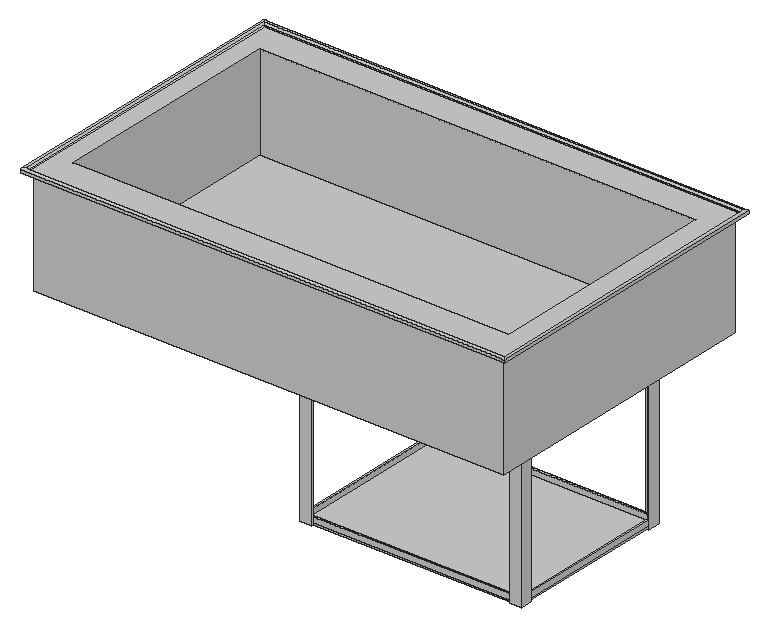
Revit family "QF_VOLLRATH_FC-4CP-03120-N", category Specialty Equipment, Revit 2016
Family settings
  Part Type = Normal
  Round Connector Dimension = Use Diameter
  OmniClass Number = 23.40.40.14.24.14
  OmniClass Title = Service Line Equipment
  Work Plane-Based = Yes
  Always vertical = Yes
  Cut with Voids When Loaded = Yes
  Shared = No
  Room Calculation Point = No
Parameters (values of type "FC-4CP-03120-N")
  Weight in Pounds = 130
  Watts = 384 W
  Waste Water Discharge Temperature [instance] = 0 °F
  Waste Remarks = ""
  Volts = 120 V
  URL Cutsheet = "www.vollrathfoodservice.com/downloads/211946/SPCDrop-InColdNSF7RefrigL36185-pdf"
  URL = "www.vollrathfoodservice.com"
  Status [instance] = ""
  Specification by User [instance] = ""
  Specification by Manufacturer = ""
  Serial Number = ""
  Seismic Rating = ""
  SMACNA No = ""
  Revision Code [instance] = ""
  Plumbing Remarks [instance] = ""
  Plumbing Connection Type [instance] = ""
  Phase = 1
  Number of Poles = 1
  NAFEM Spec ID Number = ""
  Model = "FC-4CP-03120-N"
  Min Ckt Ampacity = 0 A
  Max Overcurrent Protection = 10 A
  Masterspec = ""
  Manufacturer = "VOLLRATH US"
  Item Number [instance] = ""
  Installed By [instance] = ""
  Identify Quantity as Lot [instance] = no
  HP = "0.5"
  Furnished By [instance] = ""
  Foodservice Equipment Identifier [instance] = yes
  FL Amps = 3.2 A
  Electrical Remarks [instance] = ""
  Electric Connection Type [instance] = "Plug&Receptacle"
  Elec Conn RI Height [instance] = 0"
  Elec Conn Connection Height [instance] = 0"
  Direct Waste Size = 1"
  Direct Waste RI Height = 0"
  Direct Waste Flow = 0 GPM
  Direct Waste Connection Height = 0"
  Description = "THREE-WELL 120-VOLT NSF 7-CERTIFIED REFRIGERATED MODULAR DROP-IN COLD WELL"
  Default Elevation = 0"
  Cycle = 60 Hz
  Conn Plug = "NEMA 5-15P"
  Conn Conduit [instance] = no
  CSI MasterFormat = ""
  Author = ""
  Assembly Code = "E1090320"
  Apparent Power = 384 VA
Reference planes (in)
  plane 1 "Back": y = 0
  plane 2: z = 0
  plane 3 "Left": x = 0
  plane 4 "Front": y = -26
  plane 5 "Top": z = 0
  plane 6 "Right": x = 41.5
Forms (in)
  Extrusion 1, void
    sketch origin (0, 0, 0) x (1, 0, 0) y (0, 1, 0)
      loop
        line (41.125, -0.375) -> (0.375, -0.375) -> (0.375, -25.625) -> (41.125, -25.625) -> (41.125, -0.375)
    from 3.27425 to -22.375
  Extrusion 2, solid
    sketch origin (0, 0, 0) x (1, 0, 0) y (0, 1, 0)
      loop
        line (0.625, -0.625) -> (0.625, -25.375) -> (40.875, -25.375) -> (40.875, -0.625) -> (0.625, -0.625)
      loop
        line (2.0625, -3) -> (2.0625, -23) -> (39.4375, -23) -> (39.4375, -3) -> (2.0625, -3)
    from 0 to 0.14643
  Extrusion 3, solid
    sketch origin (0, 0, 0) x (1, 0, 0) y (0, 1, 0)
      loop
        line (0.625, -0.625) -> (0.625, -25.375) -> (40.875, -25.375) -> (40.875, -0.625) -> (0.625, -0.625)
      loop
        line (39.4375, -23) -> (39.4375, -3) -> (2.0625, -3) -> (2.0625, -23) -> (39.4375, -23)
    from -9.067 to 0
  Sweep 4, solid
    path origin (0, 0, 0) x (1, 0, 0) y (0, 1, 0)
      loop
        line (0.34375, -0.34375) -> (0.34375, -25.65625) -> (41.15625, -25.65625) -> (41.15625, -0.34375) -> (0.34375, -0.34375)
    profile origin (20.75, -0.34375, 0) x (0, 1, 0) y (0, 0, 1)
      loop
        line (0.34375, 0) -> (0.34375, 0.24548)
        arc (0.34375, 0.24548) -> (0.25632, 0.36797) -> (0.11207, 0.3251) r 0.12952
        line (0.11207, 0.3251) -> (0.00446, 0.18703)
        arc (0.00446, 0.18703) -> (-0.03241, 0.15713) -> (-0.07866, 0.14643) r 0.10539
        line (-0.07866, 0.14643) -> (-0.28125, 0.14643) -> (-0.28125, 0) -> (0.34375, 0)
  Extrusion 5, solid
    sketch origin (0, 0, 2.308) x (1, 0, 0) y (0, 1, 0)
      loop
        line (39.4375, -3) -> (2.0625, -3) -> (2.0625, -23) -> (39.4375, -23) -> (39.4375, -3)
      loop
        circle (17.87809, -13) r 0.75
    from -11.375 to -10.305
  Extrusion 6, solid
    sketch origin (21.45684, -178.4845, -22.25) x (-1, 0, 0) y (0, -1, 0)
      loop
        line (1.953, -172.7345) -> (1.078, -172.7345) -> (1.078, -172.8595) -> (2.078, -172.8595) -> (2.078, -171.8595) -> (1.953, -171.8595) -> (1.953, -172.7345)
      loop
        line (-16.7345, -172.7345) -> (-16.7345, -171.8595) -> (-16.8595, -171.8595) -> (-16.8595, -172.8595) -> (-15.8595, -172.8595) -> (-15.8595, -172.7345) -> (-16.7345, -172.7345)
      loop
        line (1.953, -158.3285) -> (1.953, -159.2035) -> (2.078, -159.2035) -> (2.078, -158.2035) -> (1.078, -158.2035) -> (1.078, -158.3285) -> (1.953, -158.3285)
      loop
        line (-16.7345, -158.3285) -> (-15.8595, -158.3285) -> (-15.8595, -158.2035) -> (-16.8595, -158.2035) -> (-16.8595, -159.2035) -> (-16.7345, -159.2035) -> (-16.7345, -158.3285)
    from -0.125 to 13.183
  Extrusion 7, solid
    sketch origin (21.45684, -178.4845, -22.375) x (-1, 0, 0) y (0, -1, 0)
      loop
        line (1.953, -172.7345) -> (1.953, -158.3285) -> (-16.7345, -158.3285) -> (-16.7345, -172.7345) -> (1.953, -172.7345)
    from 0 to 0.125
  Extrusion 8, solid
    sketch origin (23.78434, -20.156, -22.25) x (1, 0, 0) y (0, 0, -1)
      loop
        line (-4.2805, -13.183) -> (14.407, -13.183) -> (14.407, -12.183) -> (-4.2805, -12.183) -> (-4.2805, -13.183)
    from 0 to 0.125
  Extrusion 9, solid
    sketch origin (23.78434, -5.75, -22.25) x (1, 0, 0) y (0, 0, 1)
      loop
        line (-4.2805, 13.183) -> (-4.2805, 12.183) -> (14.407, 12.183) -> (14.407, 13.183) -> (-4.2805, 13.183)
    from 0 to 0.125
  Extrusion 10, solid
    sketch origin (19.50384, -19.281, -22.25) x (0, -1, 0) y (0, 0, -1)
      loop
        line (0, -13.183) -> (0, -12.183) -> (-1.125, -12.183) -> (-1.125, -13.183) -> (0, -13.183)
      loop
        line (-12.656, -13.183) -> (-11.531, -13.183) -> (-11.531, -12.183) -> (-12.656, -12.183) -> (-12.656, -13.183)
    from 0 to -0.125
  Extrusion 11, solid
    sketch origin (38.19134, -19.281, -22.25) x (0, -1, 0) y (0, 0, 1)
      loop
        line (0, 13.183) -> (-1.125, 13.183) -> (-1.125, 12.183) -> (0, 12.183) -> (0, 13.183)
      loop
        line (-12.656, 13.183) -> (-12.656, 12.183) -> (-11.531, 12.183) -> (-11.531, 13.183) -> (-12.656, 13.183)
    from 0 to -0.125
  Extrusion 12, solid
    sketch origin (11.21875, 0, -0.375) x (1, 0, 0) y (0, 1, 0)
      loop
        circle (6.65934, -13) r 0.5
      loop
        circle (6.65934, -13) r 0.75
    from -8.692 to -7.622
  Extrusion 13, solid
    sketch origin (14.34759, 0, -0.375) x (1, 0, 0) y (0, 1, 0)
      loop
        circle (14.5, -13) r 0.25
    from -8.692 to -8.89849
  Extrusion 14, solid
    sketch origin (15.5, 0, -0.375) x (1, 0, 0) y (0, 1, 0)
      loop
        line (4.00384, -20.156) -> (22.69134, -20.156) -> (22.69134, -5.75) -> (4.00384, -5.75) -> (4.00384, -20.156)
      loop
        line (22.56634, -5.875) -> (4.12884, -5.875) -> (4.12884, -20.031) -> (22.56634, -20.031) -> (22.56634, -5.875)
    from -21.875 to -21.375
Cuts and joins
  joined: Extrusion 2, Extrusion 3, Sweep 4, Extrusion 5
Lines and regions (in)
  symbolic lines, style "200-EquipBorder-2D"
    curve 1: line (41.5, 0, 0) -> (0, 0, 0)
    curve 2: line (41.5, -26, 0) -> (41.5, 0, 0)
    curve 3: line (0, 0, 0) -> (0, -26, 0)
    curve 8: line (0, -26, 0) -> (41.5, -26, 0)
  symbolic lines, style "200-EquipInternal-2D"
    curve 4: line (39.4375, -3, 0) -> (2.0625, -3, 0)
    curve 5: line (39.4375, -23, 0) -> (39.4375, -3, 0)
    curve 6: line (2.0625, -23, 0) -> (39.4375, -23, 0)
    curve 7: line (2.0625, -3, 0) -> (2.0625, -23, 0)
    curve 9: arc (17.37809, -13, 0) -> (17.87809, -12.5, 0) -> (18.37809, -13, 0) r 0.5
    curve 10: arc (18.37809, -13, 0) -> (17.87809, -13.5, 0) -> (17.37809, -13, 0) r 0.5
    curve 11: arc (17.12809, -13, 0) -> (17.87809, -12.25, 0) -> (18.62809, -13, 0) r 0.75
    curve 12: arc (18.62809, -13, 0) -> (17.87809, -13.75, 0) -> (17.12809, -13, 0) r 0.75
Dimensions and locks (in)
  plane 3 "Left" to plane 6 "Right" = 41 1/2"
  plane 4 "Front" to plane 1 "Back" = 26"
  Extrusion 7 sketch curve to Extrusion 7 sketch curve = 18 11/16"
  aligned and locked: level to plane 2
Connectors (in)
  electrical at (28.84759, -13, -9.27349), driven by "Number of Poles", driven by "Volts", driven by "Apparent Power"
    settings: on Extrusion 13, index 4, voltage 120 V, apparent load 0 VA, apparent load phase1 384 VA, apparent load phase2 0 VA, apparent load phase3 0 VA, power factor 1, load classification "Other", number of poles 1, system type 31, power factor state 1, is connector primary yes, connector utility no, sub classification motor no, connector description "Electrical connection"
  piping at (17.87809, -13, -9.067), diameter 1, driven by "Direct Waste Flow", driven by "Direct Waste Size"
    settings: on cut or joined group of Extrusion 2, Extrusion 3, Sweep 4, Extrusion 5, index 5, connector inside diameter 24", connector length 0", flow factor 0, pipe flow 0 GPM, pressure drop 0.00 psi, fitting loss kfactor 0, connector angle 0.00°, fixture units 0, engagement length 0", angle of deflection 0.00°, flow configuration 1, flow direction 2, fitting loss method 0, system type 16, joint type 0, gender type 0, connector reference index -1, connector utility 0, adjustable connector no, is connector primary yes, connector description "Drain"
